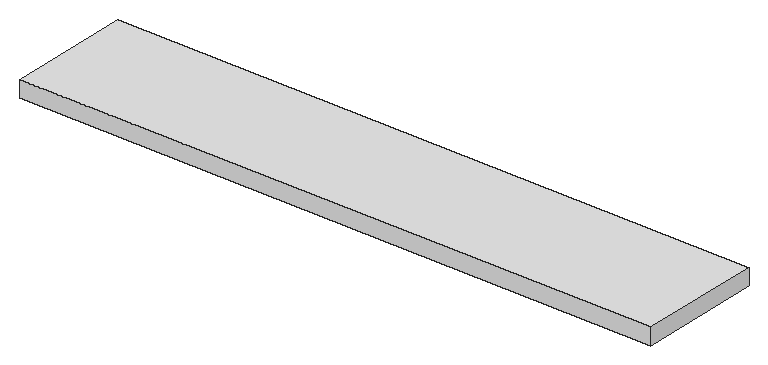
Revit family "11-TRIMBOARD-AND-STEALTH-TRIM-CADS-108-Trimboard-6-4x10-4-REVIT_Versatex-Generic-Model-6-4in-x-10in-TRIMBOARD", category Generic Models, host Face, Revit 2026
Family settings
  Host = Face
  Can host rebar = No
  Round Connector Dimension = Use Diameter
  Part Type = Normal
  Cut with Voids When Loaded = No
  Maintain Annotation Orientation = No
  Shared = No
  Room Calculation Point = No
Parameters
  Model = "TBSM/TR641018"
  Length = 4' - 0"
  Warranty = "https://versatex.com/warranty/"
  URL = "https://versatex.com/"
  Specification = "https://www.arcat.com/company/versatex-45716/spec?coid=45716"
  Sales Information = "https://versatex.com/dealer-locator/"
  Message Manufacturer = "https://versatex.com/contact/"
  Material = Versatex PVC - Smooth
  Manufacturer Website = "https://versatex.com/"
  Manufacturer Phone = "724-857-1111"
  Manufacturer Fax = "724-857-1171"
  Manufacturer Address = "400 Steel Street, Aliquippa, PA 15001"
  Manufacturer = "Versatex"
  Literature = "https://versatex.com/literature/?_sft_literature_category=cads"
  Description = "NOMINAL 6/4” x 10” TRIMBOARD"
  Default Elevation = 4' - 0"
  Copyright = "© 2024 VERSATEX Building Products, LLC"
Reference planes (in)
  plane 1 "Center (Front/Back)": y = 0
  plane 2: z = 0
  plane 3 "Center (Left/Right)": x = 0
  plane 4: x = 24
  plane 5: x = -24
Forms (in)
  Sweep 1, solid, material "Versatex PVC - Smooth" <- "Material"
    path origin (0, 0, 0) x (1, 0, 0) y (0, 1, 0)
      loop
        line (-24, 0) -> (24, 0)
    profile "Versatex_Profile_6-4” x 10” TRIMBOARD : Versatex_Profile_6-4” x 10” TRIMBOARD" origin (0, 0, 0) x (0, 1, 0) y (0, 0, 1)
      loop
        line (0, 0) -> (9.25, 0) -> (9.25, 1.25) -> (0, 1.25) -> (0, 0)
Dimensions and locks (in)
  "Length": plane 5 to plane 4
  equal spacing: plane 5, plane 3 "Center (Left/Right)", plane 4, locked at 24 each
  aligned and locked: plane 2 to host face
  aligned and locked: level to host face
Automatic sketch dimensions
  host sketch curve to host sketch curve = 8' - 0"  (x2)
  plane 1 "Center (Front/Back)" to Sweep 1 sketch curve = 0' - 0"
  Sweep 1 sketch curve to plane 5 = 0' - 0"
  Sweep 1 sketch curve to plane 4 = 0' - 0"
